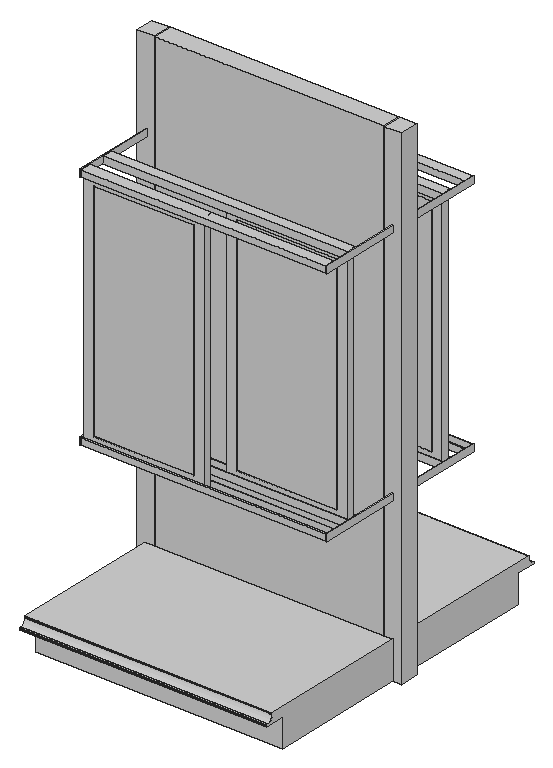
Revit family "PP1", category Specialty Equipment, Revit 2012
Parameters (values of type "Maxi Line Starter (Default)")
  Width = 3' - 0"
  URL = "http://madixinc.com/display/maxiline/core.html"
  Model = "Maxi Line"
  Manufacturer = "© 2012 Madix, Inc. All rights reserved."
  "Back" Base Shelf [instance] = yes
  "Back" Front Peg Panel Frame [instance] = yes
  "Back" Back Peg Panel Frame [instance] = yes
  "Front" Front Peg Panel Frame [instance] = yes
  "Front" Back Peg Panel Frame [instance] = yes
  "Front" Shelf Depth = 1' - 10"
  "Back" Shelf Depth = 1' - 10"
  Upright Height = 6' - 0"
Reference planes (in)
  plane 1 "Center (Front/Back)": y = 0
  plane 2: z = 0
  plane 3 "Center (Left/Right)": x = 0
  plane 4: y = 1.375
  plane 5: y = -1.375
  plane 6: z = 72
  plane 7: z = 0
  plane 8 "1st shelf": z = 23.5
  plane 9 "2nd shelf": z = 41.5
  plane 10 "3rd shelf": z = 59.5
  plane 11 "4th shelf": z = 77.5
  plane 12: y = -24.25
  plane 13: x = -18
  plane 14: x = 18
  plane 15: x = -17.875
  plane 16: x = 17.875
  plane 17: z = 41.5
  plane 18: y = 24.25
  plane 19: y = 23.375
  plane 20: y = -23.375
  plane 21: y = -13.25
  plane 22: y = -13.125
  plane 23: y = -12
  plane 24: y = -12.125
  plane 25: z = 59.375
  plane 26: z = 58.5
  plane 27: y = -9.25
  plane 28: y = -9.125
  plane 29: y = -8
  plane 30: y = -8.125
  plane 31: y = -7.875
  plane 32: y = -9.375
Forms (in)
  Extrusion 1, solid, material "Metal - Steel"
    sketch origin (-24, 1.375, 0) x (1, 0, 0) y (0, 0, 1)
      loop
        line (6, 0) -> (7.25, 0) -> (42, 0) -> (43.25, 0) -> (43.25, 72) -> (40.75, 72) -> (40.75, 0.03125) -> (40.71924, 0.03125) -> (40.71924, 72) -> (7.2815, 72) -> (7.2815, 0.03125) -> (7.25, 0.03125) -> (7.25, 72) -> (4.75, 72) -> (4.75, 0) -> (6, 0)
    from 0 to 2.75
  Extrusion 2, solid, material "Metal - Steel"
    sketch origin (0, 0, 0) x (0, 1, 0) y (0, 0, 1)
      loop
        line (-1.375, 0) -> (-1.375, 5.5) -> (-23.375, 5.5) -> (-23.50139, 5.5) -> (-23.50139, 5.375) -> (-23.375, 5.375)
        arc (-23.375, 5.375) -> (-23.63696, 4.73714) -> (-24.125, 4.25) r 1.75
        line (-24.125, 4.25) -> (-24.125, 4.375) -> (-24.25, 4.375) -> (-24.25, 4.25) -> (-24.25, 4.125) -> (-21.375, 4.125) -> (-21.375, 0) -> (-1.375, 0)
    from -18 to 18
  Extrusion 3, solid, material "Metal - Steel", visible <- ""Back" Base Shelf"
    sketch origin (0, 0, 0) x (0, -1, 0) y (0, 0, -1)
      loop
        line (-1.375, 0) -> (-21.375, 0) -> (-21.375, -4.125) -> (-24.25, -4.125) -> (-24.25, -4.25) -> (-24.25, -4.375) -> (-24.125, -4.375) -> (-24.125, -4.25)
        arc (-24.125, -4.25) -> (-23.63696, -4.73714) -> (-23.375, -5.375) r 1.75
        line (-23.375, -5.375) -> (-23.50139, -5.375) -> (-23.50139, -5.5) -> (-23.375, -5.5) -> (-1.375, -5.5) -> (-1.375, 0)
    from -18 to 18
  Extrusion 4, solid, material "Metal - Steel", visible <- ""Front" Front Peg Panel Frame"
    sketch origin (0, 0, 0) x (0, 1, 0) y (0, 0, 1)
      loop
        line (-13.375, 23.5) -> (-11.875, 23.5) -> (-11.875, 24.5) -> (-12, 24.5) -> (-12, 23.625) -> (-13.25, 23.625) -> (-13.25, 24.5) -> (-13.375, 24.5) -> (-13.375, 23.5)
    from -17.875 to 17.875
  Extrusion 5, solid, material "Metal - Steel", visible <- ""Front" Front Peg Panel Frame"
    sketch origin (0, 0, 0) x (0, 1, 0) y (0, 0, 1)
      loop
        line (-1.375, 23.5) -> (-1.375, 24.5) -> (-13.375, 24.5) -> (-13.375, 23.5) -> (-1.375, 23.5)
    from -17.875 to -18
  Extrusion 6, solid, material "Metal - Steel", visible <- ""Front" Front Peg Panel Frame"
    sketch origin (0, 0, 0) x (0, 1, 0) y (0, 0, -1)
      loop
        line (-1.375, -23.5) -> (-13.375, -23.5) -> (-13.375, -24.5) -> (-1.375, -24.5) -> (-1.375, -23.5)
    from -18 to -17.875
  Extrusion 7, solid, material "Metal - Steel", visible <- ""Front" Front Peg Panel Frame"
    sketch origin (0, 0, 83) x (0, 1, 0) y (0, 0, 1)
      loop
        line (-13.375, -23.5) -> (-13.375, -24.5) -> (-13.25, -24.5) -> (-13.25, -23.625) -> (-12, -23.625) -> (-12, -24.5) -> (-11.875, -24.5) -> (-11.875, -23.5) -> (-13.375, -23.5)
    from -17.875 to 17.875
  Extrusion 8, solid, material "Metal - Steel", visible <- ""Front" Front Peg Panel Frame"
    sketch origin (0, 0, 83) x (0, 1, 0) y (0, 0, 1)
      loop
        line (-1.375, -23.5) -> (-13.375, -23.5) -> (-13.375, -24.5) -> (-1.375, -24.5) -> (-1.375, -23.5)
    from -18 to -17.875
  Extrusion 9, solid, material "Metal - Steel", visible <- ""Front" Front Peg Panel Frame"
    sketch origin (0, 0, 83) x (0, 1, 0) y (0, 0, -1)
      loop
        line (-1.375, 23.5) -> (-1.375, 24.5) -> (-13.375, 24.5) -> (-13.375, 23.5) -> (-1.375, 23.5)
    from -18 to -17.875
  Extrusion 10, solid, material "Metal - Steel", visible <- ""Front" Front Peg Panel Frame"
    sketch origin (0, 0, 0) x (1, 0, 0) y (0, 0, 1)
      loop
        line (-17.625, 23.625) -> (0, 23.625) -> (0, 59.375) -> (-17.625, 59.375) -> (-17.625, 23.625)
      loop
        line (-1.5, 57.875) -> (-16.125, 57.875) -> (-16.125, 25.125) -> (-1.5, 25.125) -> (-1.5, 57.875)
      loop
        line (-16.09375, 57.84375) -> (-16.09375, 25.15625) -> (-1.53125, 25.15625) -> (-1.53125, 57.84375) -> (-16.09375, 57.84375)
    from 12.125 to 13.125
  Extrusion 11, solid, material "Metal - Steel", visible <- ""Back" Front Peg Panel Frame"
    sketch origin (0, 0, 0) x (0, -1, 0) y (0, 0, -1)
      loop
        line (-13.375, -23.5) -> (-13.375, -24.5) -> (-13.25, -24.5) -> (-13.25, -23.625) -> (-12, -23.625) -> (-12, -24.5) -> (-11.875, -24.5) -> (-11.875, -23.5) -> (-13.375, -23.5)
    from -17.875 to 17.875
  Extrusion 12, solid, material "Metal - Steel", visible <- ""Back" Front Peg Panel Frame"
    sketch origin (0, 0, 0) x (0, -1, 0) y (0, 0, -1)
      loop
        line (-1.375, -23.5) -> (-13.375, -23.5) -> (-13.375, -24.5) -> (-1.375, -24.5) -> (-1.375, -23.5)
    from -18 to -17.875
  Extrusion 13, solid, material "Metal - Steel", visible <- ""Back" Front Peg Panel Frame"
    sketch origin (0, 0, 0) x (0, -1, 0) y (0, 0, 1)
      loop
        line (-1.375, 23.5) -> (-1.375, 24.5) -> (-13.375, 24.5) -> (-13.375, 23.5) -> (-1.375, 23.5)
    from -18 to -17.875
  Extrusion 14, solid, material "Metal - Steel", visible <- ""Back" Front Peg Panel Frame"
    sketch origin (0, 0, 83) x (0, -1, 0) y (0, 0, -1)
      loop
        line (-13.375, 23.5) -> (-11.875, 23.5) -> (-11.875, 24.5) -> (-12, 24.5) -> (-12, 23.625) -> (-13.25, 23.625) -> (-13.25, 24.5) -> (-13.375, 24.5) -> (-13.375, 23.5)
    from -17.875 to 17.875
  Extrusion 15, solid, material "Metal - Steel", visible <- ""Back" Front Peg Panel Frame"
    sketch origin (0, 0, 83) x (0, -1, 0) y (0, 0, -1)
      loop
        line (-1.375, 23.5) -> (-1.375, 24.5) -> (-13.375, 24.5) -> (-13.375, 23.5) -> (-1.375, 23.5)
    from -18 to -17.875
  Extrusion 16, solid, material "Metal - Steel", visible <- ""Back" Front Peg Panel Frame"
    sketch origin (0, 0, 83) x (0, -1, 0) y (0, 0, 1)
      loop
        line (-1.375, -23.5) -> (-13.375, -23.5) -> (-13.375, -24.5) -> (-1.375, -24.5) -> (-1.375, -23.5)
    from -18 to -17.875
  Extrusion 17, solid, material "Metal - Steel", visible <- ""Back" Front Peg Panel Frame"
    sketch origin (0, 0, 0) x (1, 0, 0) y (0, 0, -1)
      loop
        line (-17.625, -23.625) -> (-17.625, -59.375) -> (0, -59.375) -> (0, -23.625) -> (-17.625, -23.625)
      loop
        line (-1.5, -57.875) -> (-1.5, -25.125) -> (-16.125, -25.125) -> (-16.125, -57.875) -> (-1.5, -57.875)
      loop
        line (-16.09375, -57.84375) -> (-1.53125, -57.84375) -> (-1.53125, -25.15625) -> (-16.09375, -25.15625) -> (-16.09375, -57.84375)
    from 12.125 to 13.125
  Extrusion 18, solid, material "Metal - Steel", visible <- ""Front" Back Peg Panel Frame"
    sketch origin (0, 0, 0) x (0, 1, 0) y (0, 0, -1)
      loop
        line (-9.375, -23.5) -> (-9.375, -24.5) -> (-9.25, -24.5) -> (-9.25, -23.625) -> (-8, -23.625) -> (-8, -24.5) -> (-7.875, -24.5) -> (-7.875, -23.5) -> (-9.375, -23.5)
    from -17.875 to 17.875
  Extrusion 19, solid, material "Metal - Steel", visible <- ""Front" Back Peg Panel Frame"
    sketch origin (0, 0, 83) x (0, 1, 0) y (0, 0, -1)
      loop
        line (-9.375, 23.5) -> (-7.875, 23.5) -> (-7.875, 24.5) -> (-8, 24.5) -> (-8, 23.625) -> (-9.25, 23.625) -> (-9.25, 24.5) -> (-9.375, 24.5) -> (-9.375, 23.5)
    from -17.875 to 17.875
  Extrusion 20, solid, material "Metal - Steel", visible <- ""Front" Back Peg Panel Frame"
    sketch origin (0, 0, 0) x (-1, 0, 0) y (0, 0, -1)
      loop
        line (-17.625, -23.625) -> (-17.625, -59.375) -> (0, -59.375) -> (0, -23.625) -> (-17.625, -23.625)
      loop
        line (-1.5, -57.875) -> (-1.5, -25.125) -> (-16.125, -25.125) -> (-16.125, -57.875) -> (-1.5, -57.875)
      loop
        line (-16.09375, -57.84375) -> (-1.53125, -57.84375) -> (-1.53125, -25.15625) -> (-16.09375, -25.15625) -> (-16.09375, -57.84375)
    from 8.125 to 9.125
  Extrusion 21, solid, material "Metal - Steel", visible <- ""Back" Back Peg Panel Frame"
    sketch origin (0, 0, 0) x (0, -1, 0) y (0, 0, 1)
      loop
        line (-9.375, 23.5) -> (-7.875, 23.5) -> (-7.875, 24.5) -> (-8, 24.5) -> (-8, 23.625) -> (-9.25, 23.625) -> (-9.25, 24.5) -> (-9.375, 24.5) -> (-9.375, 23.5)
    from -17.875 to 17.875
  Extrusion 22, solid, material "Metal - Steel", visible <- ""Back" Back Peg Panel Frame"
    sketch origin (0, 0, 83) x (0, -1, 0) y (0, 0, 1)
      loop
        line (-9.375, -23.5) -> (-9.375, -24.5) -> (-9.25, -24.5) -> (-9.25, -23.625) -> (-8, -23.625) -> (-8, -24.5) -> (-7.875, -24.5) -> (-7.875, -23.5) -> (-9.375, -23.5)
    from -17.875 to 17.875
  Extrusion 23, solid, material "Metal - Steel", visible <- ""Back" Back Peg Panel Frame"
    sketch origin (0, 0, 0) x (-1, 0, 0) y (0, 0, 1)
      loop
        line (-17.625, 23.625) -> (0, 23.625) -> (0, 59.375) -> (-17.625, 59.375) -> (-17.625, 23.625)
      loop
        line (-1.5, 57.875) -> (-16.125, 57.875) -> (-16.125, 25.125) -> (-1.5, 25.125) -> (-1.5, 57.875)
      loop
        line (-16.09375, 57.84375) -> (-16.09375, 25.15625) -> (-1.53125, 25.15625) -> (-1.53125, 57.84375) -> (-16.09375, 57.84375)
    from 8.125 to 9.125
Lines and regions (in)
  Split face 1
    outline origin (-24, -1.375, 0) x (1, 0, 0) y (0, 0, 1)
      loop
        line (7.2815, 72) -> (7.2815, 0.03125) -> (40.71924, 0.03125) -> (40.71924, 72)
  Split face 2
    outline origin (-24, 1.375, 0) x (1, 0, 0) y (0, 0, 1)
      loop
        line (40.71924, 72) -> (40.71924, 0.03125) -> (7.2815, 0.03125) -> (7.2815, 72)
  model lines
    curve 1: line (-17.875, 0, 0) -> (18, 0, 0)
Dimensions and locks (in)
  "Upright Height": plane 6 to level
  ""Front" Shelf Depth": plane 20 to plane 5
  equal spacing: plane 13, plane 3 "Center (Left/Right)", plane 14
  "Width": plane 13 to plane 14
  locked: plane 13 to plane 15 at 0.125
  locked: plane 16 to plane 14 at 0.125
  ""Back" Shelf Depth": plane 4 to plane 19
  locked: plane 19 to plane 18 at 0.875
  locked: plane 20 to plane 12 at 0.875
  plane 26 to plane 25 to plane 10 "3rd shelf" to plane 6 = 0' - 0 7/8" locked, 0' - 0 1/8" locked, 1' - 0 1/2" locked
  aligned and locked: level to plane 2
  aligned and locked: plane 12 to Extrusion 2
  aligned and locked: Extrusion 2 to plane 5
  aligned and locked: plane 13 to Extrusion 2
  aligned and locked: plane 14 to Extrusion 2
  aligned and locked: curve 1 to Extrusion 3
  aligned and locked: Extrusion 3 to Extrusion 2
  aligned and locked: Extrusion 2 to Extrusion 3
  aligned and locked: plane 13 to Extrusion 3
  aligned and locked: Extrusion 3 to plane 18
  aligned and locked: Extrusion 1 to plane 6  (x2)
  aligned and locked: plane 19 to Extrusion 3
  aligned and locked: plane 20 to Extrusion 2
  aligned and locked: Extrusion 4 to plane 16
  aligned and locked: Extrusion 4 to plane 15
  aligned and locked: plane 16 to Extrusion 6
  aligned and locked: Extrusion 2 to Extrusion 6
  aligned and locked: plane 25 to Extrusion 10
  aligned and locked: plane 26 to Extrusion 8
  aligned and locked: plane 16 to Extrusion 16
  aligned and locked: plane 16 to Extrusion 13
  aligned and locked: Extrusion 22 to plane 16
  aligned and locked: Extrusion 22 to plane 15
  aligned and locked: Extrusion 15 to Extrusion 2
  aligned and locked: plane 15 to Extrusion 15
  aligned and locked: Extrusion 12 to Extrusion 2
  aligned and locked: plane 15 to Extrusion 12
  aligned and locked: Extrusion 21 to plane 15
  aligned and locked: Extrusion 14 to plane 15
  aligned and locked: Extrusion 11 to plane 15
  aligned and locked: Extrusion 11 to plane 16
  aligned and locked: Extrusion 14 to plane 16
  aligned and locked: Extrusion 21 to plane 16
  aligned and locked: Extrusion 9 to curve 1
  aligned and locked: plane 16 to Extrusion 9
  aligned and locked: Extrusion 19 to plane 16
  aligned and locked: Extrusion 19 to plane 15
  aligned and locked: Extrusion 18 to plane 16
  aligned and locked: Extrusion 7 to plane 16
  aligned and locked: Extrusion 8 to Extrusion 2
  aligned and locked: plane 15 to Extrusion 8
  aligned and locked: Extrusion 5 to Extrusion 2
  aligned and locked: plane 15 to Extrusion 5
  aligned and locked: Extrusion 7 to plane 15
  aligned and locked: Extrusion 16 to plane 14
  aligned and locked: Extrusion 13 to plane 14
  aligned and locked: curve 1 to Extrusion 18
Automatic sketch dimensions
  plane 1 "Center (Front/Back)" to curve 1 = 0' - 0"
  Extrusion 1 sketch curve to level = 0' - 0"
  Extrusion 1 sketch curve to plane 6 = 0' - 0"  (x3)
  plane 13 to Extrusion 1 sketch curve = 0' - 0"
  plane 14 to Extrusion 1 sketch curve = 0' - 0"
  plane 13 to Extrusion 1 sketch curve = 0' - 1 1/4"
  plane 15 to Extrusion 1 sketch curve = 0' - 1 1/8"  (x2)
  Extrusion 1 sketch curve to Extrusion 1 sketch curve = 0' - 0.0315"
  plane 16 to Extrusion 1 sketch curve = 0' - 1.15576"
  Extrusion 1 sketch curve to Extrusion 1 sketch curve = 0' - 0.03076"
  Extrusion 1 sketch curve to plane 14 = 0' - 1 1/4"
  level to Extrusion 1 sketch curve = 0' - 0 1/32"  (x2)
  Extrusion 2 sketch curve to plane 12 = 0' - 0"
  Extrusion 2 sketch curve to plane 20 = 0' - 0"  (x2)
  Extrusion 2 sketch curve to level = 0' - 0"
  Extrusion 2 sketch curve to plane 5 = 0' - 0"
  Extrusion 2 sketch curve to plane 12 = 0' - 0.84305"
  Extrusion 2 sketch curve to Extrusion 2 sketch curve = 0' - 0 1/8"  (x5)
  Extrusion 2 sketch curve to plane 20 = 0' - 0.12639"
  plane 20 to Extrusion 2 sketch curve = 0' - 2"
  level to Extrusion 2 sketch curve = 0' - 4 1/8"
  Extrusion 2 sketch curve to Extrusion 2 sketch curve = 0' - 1"
  Split face 1 sketch curve to Extrusion 1 = 0' - 0"  (x4)
  Extrusion 1 to Split face 1 sketch curve = 0' - 0"
  Extrusion 3 sketch curve to plane 18 = 0' - 0"
  Extrusion 3 sketch curve to plane 19 = 0' - 0"  (x2)
  Extrusion 3 sketch curve to level = 0' - 0"
  Extrusion 3 sketch curve to plane 4 = 0' - 0"
  plane 18 to Extrusion 3 sketch curve = 0' - 0.84305"
  Extrusion 3 sketch curve to plane 18 = 0' - 0 1/8"
  plane 19 to Extrusion 3 sketch curve = 0' - 0.12639"
  Extrusion 3 sketch curve to plane 19 = 0' - 2"
  Extrusion 3 sketch curve to level = 0' - 4 1/8"
  Extrusion 3 sketch curve to Extrusion 3 sketch curve = 0' - 0 1/8"  (x3)
  Extrusion 3 sketch curve to Extrusion 3 sketch curve = 0' - 0"
  Extrusion 3 sketch curve to Extrusion 3 sketch curve = 0' - 1"
  Split face 2 sketch curve to Extrusion 1 = 0' - 0"  (x4)
  Extrusion 1 to Split face 2 sketch curve = 0' - 0"
  Extrusion 4 sketch curve to plane 8 "1st shelf" = 0' - 0"
  Extrusion 4 sketch curve to plane 21 = 0' - 0"
  Extrusion 4 sketch curve to plane 23 = 0' - 0"
  Extrusion 4 sketch curve to plane 21 = 0' - 0 1/8"
  plane 23 to Extrusion 4 sketch curve = 0' - 0 1/8"
  plane 8 "1st shelf" to Extrusion 4 sketch curve = 0' - 0 1/8"
  Extrusion 4 sketch curve to Extrusion 4 sketch curve = 0' - 0 7/8"  (x2)
  Extrusion 5 sketch curve to plane 8 "1st shelf" = 0' - 0"
  Extrusion 5 sketch curve to plane 5 = 0' - 0"
  Extrusion 5 sketch curve to plane 21 = 0' - 0 1/8"
  Extrusion 5 sketch curve to Extrusion 5 sketch curve = 0' - 1"
  Extrusion 6 sketch curve to plane 8 "1st shelf" = 0' - 0"
  Extrusion 6 sketch curve to plane 5 = 0' - 0"
  Extrusion 6 sketch curve to plane 21 = 0' - 0 1/8"
  Extrusion 6 sketch curve to Extrusion 6 sketch curve = 0' - 1"
  Extrusion 7 sketch curve to plane 26 = 0' - 0"  (x2)
  Extrusion 7 sketch curve to plane 10 "3rd shelf" = 0' - 0"
  Extrusion 7 sketch curve to plane 21 = 0' - 0"
  Extrusion 7 sketch curve to plane 23 = 0' - 0"
  plane 25 to Extrusion 7 sketch curve = 0' - 0"
  plane 21 to Extrusion 7 sketch curve = 0' - 0 1/8"
  Extrusion 7 sketch curve to plane 23 = 0' - 0 1/8"
  Extrusion 8 sketch curve to plane 10 "3rd shelf" = 0' - 0"
  Extrusion 8 sketch curve to plane 26 = 0' - 0"
  Extrusion 8 sketch curve to plane 5 = 0' - 0"
  plane 21 to Extrusion 8 sketch curve = 0' - 0 1/8"
  Extrusion 9 sketch curve to plane 10 "3rd shelf" = 0' - 0"
  Extrusion 9 sketch curve to plane 26 = 0' - 0"
  Extrusion 9 sketch curve to plane 5 = 0' - 0"
  Extrusion 9 sketch curve to plane 21 = 0' - 0 1/8"
  Extrusion 10 sketch curve to plane 25 = 0' - 0"
  Extrusion 10 sketch curve to plane 3 "Center (Left/Right)" = 0' - 0"
  Extrusion 10 sketch curve to plane 26 = 0' - 0 5/8"
  Extrusion 10 sketch curve to plane 3 "Center (Left/Right)" = 0' - 1 1/2"
  Extrusion 10 sketch curve to Extrusion 10 sketch curve = 0' - 0 1/32"  (x4)
  plane 15 to Extrusion 10 sketch curve = 0' - 1 25/32"
  plane 8 "1st shelf" to Extrusion 10 sketch curve = 0' - 0 1/8"
  plane 15 to Extrusion 10 sketch curve = 0' - 0 1/4"
  plane 8 "1st shelf" to Extrusion 10 sketch curve = 0' - 1 5/8"
  Extrusion 11 sketch curve to plane 8 "1st shelf" = 0' - 0"
  Extrusion 11 sketch curve to plane 8 "1st shelf" = 0' - 1"
  Extrusion 11 sketch curve to plane 19 = 0' - 10"
  Extrusion 11 sketch curve to Extrusion 11 sketch curve = 0' - 0 1/8"  (x2)
  Extrusion 11 sketch curve to Extrusion 11 sketch curve = 0' - 1 1/4"
  Extrusion 11 sketch curve to plane 8 "1st shelf" = 0' - 0 1/8"
  Extrusion 11 sketch curve to Extrusion 11 sketch curve = 0' - 0 7/8"
  Extrusion 12 sketch curve to plane 8 "1st shelf" = 0' - 0"
  Extrusion 12 sketch curve to plane 4 = 0' - 0"
  Extrusion 12 sketch curve to plane 8 "1st shelf" = 0' - 1"
  Extrusion 12 sketch curve to plane 19 = 0' - 10"
  Extrusion 13 sketch curve to plane 8 "1st shelf" = 0' - 0"
  Extrusion 13 sketch curve to plane 4 = 0' - 0"
  plane 8 "1st shelf" to Extrusion 13 sketch curve = 0' - 1"
  plane 19 to Extrusion 13 sketch curve = 0' - 10"
  plane 26 to Extrusion 14 sketch curve = 0' - 0"  (x2)
  Extrusion 14 sketch curve to plane 10 "3rd shelf" = 0' - 0"
  plane 25 to Extrusion 14 sketch curve = 0' - 0"
  plane 19 to Extrusion 14 sketch curve = 0' - 10"
  Extrusion 14 sketch curve to Extrusion 14 sketch curve = 0' - 0 1/8"  (x2)
  Extrusion 14 sketch curve to Extrusion 14 sketch curve = 0' - 1 1/4"
  Extrusion 15 sketch curve to plane 10 "3rd shelf" = 0' - 0"
  plane 26 to Extrusion 15 sketch curve = 0' - 0"
  Extrusion 15 sketch curve to plane 4 = 0' - 0"
  plane 19 to Extrusion 15 sketch curve = 0' - 10"
  Extrusion 16 sketch curve to plane 10 "3rd shelf" = 0' - 0"
  Extrusion 16 sketch curve to plane 26 = 0' - 0"
  Extrusion 16 sketch curve to plane 4 = 0' - 0"
  plane 19 to Extrusion 16 sketch curve = 0' - 10"
  Extrusion 17 sketch curve to plane 25 = 0' - 0"
  Extrusion 17 sketch curve to plane 3 "Center (Left/Right)" = 0' - 0"
  Extrusion 17 sketch curve to plane 26 = 0' - 0 5/8"
  Extrusion 17 sketch curve to plane 3 "Center (Left/Right)" = 0' - 1 1/2"
  Extrusion 17 sketch curve to Extrusion 17 sketch curve = 0' - 0 1/32"  (x4)
  plane 15 to Extrusion 17 sketch curve = 0' - 1 25/32"
  plane 8 "1st shelf" to Extrusion 17 sketch curve = 0' - 0 1/8"
  plane 15 to Extrusion 17 sketch curve = 0' - 0 1/4"
  plane 8 "1st shelf" to Extrusion 17 sketch curve = 0' - 1 21/32"
  Extrusion 18 sketch curve to plane 32 = 0' - 0"
  Extrusion 18 sketch curve to plane 27 = 0' - 0"
  Extrusion 18 sketch curve to plane 29 = 0' - 0"
  Extrusion 18 sketch curve to plane 8 "1st shelf" = 0' - 0"
  Extrusion 18 sketch curve to plane 31 = 0' - 0"
  plane 8 "1st shelf" to Extrusion 18 sketch curve = 0' - 0 1/8"
  Extrusion 18 sketch curve to Extrusion 18 sketch curve = 0' - 0 7/8"  (x2)
  Extrusion 19 sketch curve to plane 26 = 0' - 0"  (x2)
  Extrusion 19 sketch curve to plane 32 = 0' - 0"
  Extrusion 19 sketch curve to plane 27 = 0' - 0"
  Extrusion 19 sketch curve to plane 29 = 0' - 0"
  Extrusion 19 sketch curve to plane 10 "3rd shelf" = 0' - 0"
  Extrusion 19 sketch curve to plane 31 = 0' - 0"
  Extrusion 19 sketch curve to plane 25 = 0' - 0"
  Extrusion 20 sketch curve to plane 25 = 0' - 0"
  Extrusion 20 sketch curve to plane 3 "Center (Left/Right)" = 0' - 0"
  plane 26 to Extrusion 20 sketch curve = 0' - 0 5/8"
  Extrusion 20 sketch curve to plane 3 "Center (Left/Right)" = 0' - 1 1/2"
  Extrusion 20 sketch curve to Extrusion 20 sketch curve = 0' - 0 1/32"  (x4)
  Extrusion 20 sketch curve to plane 16 = 0' - 1 25/32"
  Extrusion 20 sketch curve to plane 8 "1st shelf" = 0' - 0 1/8"
  Extrusion 20 sketch curve to plane 16 = 0' - 0 1/4"
  Extrusion 20 sketch curve to plane 8 "1st shelf" = 0' - 1 5/8"
  Extrusion 21 sketch curve to plane 8 "1st shelf" = 0' - 0"
  plane 8 "1st shelf" to Extrusion 21 sketch curve = 0' - 1"
  plane 4 to Extrusion 21 sketch curve = 0' - 8"
  Extrusion 21 sketch curve to Extrusion 21 sketch curve = 0' - 0 1/8"  (x2)
  Extrusion 21 sketch curve to Extrusion 21 sketch curve = 0' - 1 1/4"
  plane 8 "1st shelf" to Extrusion 21 sketch curve = 0' - 0 1/8"
  Extrusion 21 sketch curve to Extrusion 21 sketch curve = 0' - 0 7/8"
  Extrusion 22 sketch curve to plane 26 = 0' - 0"  (x2)
  Extrusion 22 sketch curve to plane 10 "3rd shelf" = 0' - 0"
  Extrusion 22 sketch curve to plane 25 = 0' - 0"
  plane 4 to Extrusion 22 sketch curve = 0' - 8"
  Extrusion 22 sketch curve to Extrusion 22 sketch curve = 0' - 0 1/8"  (x2)
  Extrusion 22 sketch curve to Extrusion 22 sketch curve = 0' - 1 1/4"
  Extrusion 23 sketch curve to plane 25 = 0' - 0"
  Extrusion 23 sketch curve to plane 3 "Center (Left/Right)" = 0' - 0"
  Extrusion 23 sketch curve to plane 26 = 0' - 0 5/8"
  plane 3 "Center (Left/Right)" to Extrusion 23 sketch curve = 0' - 1 1/2"
  Extrusion 23 sketch curve to Extrusion 23 sketch curve = 0' - 0 1/32"  (x4)
  plane 16 to Extrusion 23 sketch curve = 0' - 1 25/32"
  plane 8 "1st shelf" to Extrusion 23 sketch curve = 0' - 0 1/8"
  plane 16 to Extrusion 23 sketch curve = 0' - 0 1/4"
  plane 8 "1st shelf" to Extrusion 23 sketch curve = 0' - 1 5/8"
